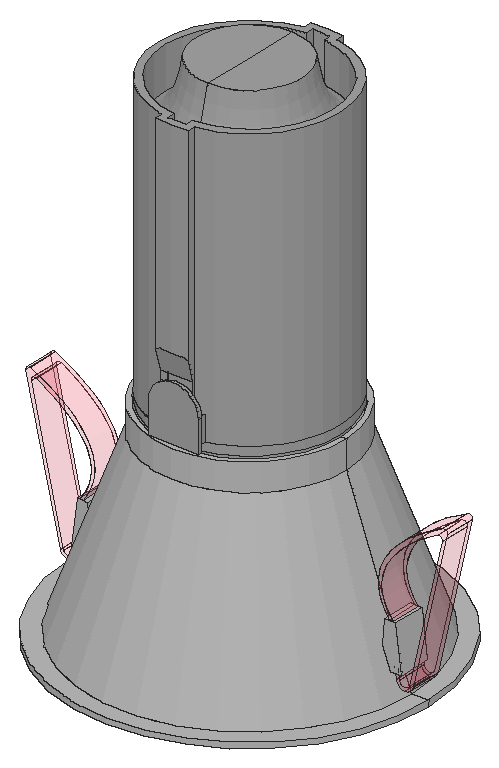
Revit family "LAMP_MOODY G2 1700 (DALI) + ROUND FIXED REFLECTOR", category Luminarias, Revit 2015
Parameters (values of type "2700K FLOOD")
  Ángulo de inclinación = 90.00°
  White reflector model = White reflector code  # "MORFRD100FXW"
  White reflector finish = "Matt white"
  White reflector description = "MOODY REF RD FX Ø99 WH."
  White reflector datasheet = "http://www.lamp.es/product-files/TECH/MORFRD100FXW-EN.pdf"
  White reflector [instance] = no
  Wattage = 14 W
  UGR = "23"
  Type = "COB PHILIPS"
  White reflector code = "MORFRD100FXW"
  Total weight = 0.352 kg
  Total height = 115 mm
  Silver reflector model = Silver reflector code  # "MORFRD100FXM"
  Silver reflector finish = "Metalized matt silver"
  Silver reflector description = "MOODY REF RD FX Ø99 MET."
  Silver reflector datasheet = "http://www.lamp.es/product-files/TECH/MORFRD100FXM-EN.pdf"
  Silver reflector code = "MORFRD100FXM"
  Silver reflector [instance] = no
  Reflector diameter = 100 mm
  Reflector [instance] = and(not(White reflector), not(Copper reflector), not(Black reflector), not(Silver reflector))  # no
  Recessed diameter = 95 mm
  built-in parameter 1150110 = 1 (stored number, unit not read)
  Protection rating = "IP20"
  Product URL = "https://www.lamp.es/en/family/moody_33323"
  Power Supply = "220-240V 50/60Hz"
  Power = 12 W
  Plum = 14 W
  Model explanation = "Availability of switching reflector colour when placed in a project."
  Material Reflector Plata = LAMP_PC Reflector Moody GR
  Material Reflector Negro = LAMP_PC Reflector Moody NG
  Material Reflector Cobre = LAMP_PC Reflector Moody CO
  Material Muelle Emp. = LAMP_Acero genérico
  Material Reflector Blanco = LAMP_PC Reflector Moody BL
  Manufacturer name = "LAMP"
  Manufacturer country = "Spain"
  Manufacturer URL = "http://www.lamp.es/en"
  MacAdam = "3"
  Lámpara = "COB LED"
  Luminaire type = "Indoor - Recessed Downlight"
  Last update = "28/08/2019"
  LED Lifetime = "50.000 L70 B10"
  Insulation class = "II"
  Installation instructions = "https://www.lamp.es/product-files/INS/1004620-A-INSTR.%20MOODY%20G2.pdf"
  IEE = "A++"
  Gear = "Adjustable DALI"
  built-in parameter 1114217 = 1 (stored number, unit not read)
  built-in parameter 1150109 = 1 (stored number, unit not read)
  Fabricante = Manufacturer name  # "LAMP"
  Efficacy = 66.2 lm/W
  Descripción = "MOODY G2 1700 VWW FL DALI BK."
  Core product code = "MO215FL927DB"
  Core diameter = 50 mm
  Core datasheet = "http://www.lamp.es/product-files/TECH/MO215FL927DB-EN.pdf"
  Core model = Core product code  # "MO215FL927DB"
  Copper reflector model = Copper reflector code  # "MORFRD100FXC"
  Copper reflector finish = "Metalized matt copper"
  Copper reflector description = "MOODY REF RD FX Ø99 CO."
  Copper reflector datasheet = "http://www.lamp.es/product-files/TECH/MORFRD100FXW-EN.pdf"
  Copper reflector code = "MORFRD100FXC"
  Copper reflector [instance] = yes
  Comentarios de tipo = Model explanation  # "Availability of switching reflector colour when placed in a project."
  built-in parameter 1150134 = (empty or 0)
  built-in parameter 1150113 = 1 (stored number, unit not read)
  Lumens = 926.8 lm
  built-in parameter 1150115 = 1 (stored number, unit not read)
  built-in parameter 1150105 = 73.752 (stored number, unit not read)
  built-in parameter 1150137 = (empty or 0)
  built-in parameter 1150139 = (empty or 0)
  built-in parameter 1150112 = 1 (stored number, unit not read)
  built-in parameter 1150114 = 1 (stored number, unit not read)
  built-in parameter 1150132 = 2
  built-in parameter 1150102 = (empty or 0)
  built-in parameter 1150138 = (empty or 0)
  built-in parameter 1150107 = 2700 (stored number, unit not read)
  built-in parameter 1150106 = 0.73752 (stored number, unit not read)
  built-in parameter 1150104 = 6.1502 (stored number, unit not read)
  Dimming Lamp Color Temperature Shift = (empty or 0)
  Color Filter = 16777215
  built-in parameter 1114218 = 1 (stored number, unit not read)
  CRI = "90"
  Core description = "MOODY CORE 1200 VWW MFL"
  Black reflector model = Black reflector code  # "MORFRD100FXB"
  Black reflector finish = "Matt black"
  Black reflector description = "MOODY REF RD FX Ø99 BK."
  Black reflector datasheet = "http://www.lamp.es/product-files/TECH/MORFRD100FXB-EN.pdf"
  Black reflector code = "MORFRD100FXB"
  Black reflector [instance] = no
  Archivo de red fotométrica = "MO215FL927TB+MORFRD100FXM.IES"
  Altura reflector = 56.5 mm
  built-in parameter 1150133 = 10 (stored number, unit not read)
Types (9, lengths in mm): name | UGR | Efficacy | Descripción | Core product code | Core datasheet | Core model | built-in parameter 1150107 | CRI
  2700K FLOOD | "23" | 66.2 lm/W | "MOODY G2 1700 VWW FL DALI BK." | "MO215FL927DB" | "http://www.lamp.es/product-files/TECH/MO215FL927DB-EN.pdf" | "MO215FL927DB" | 2700 (stored number, unit not read) | "90"
  2700K SPOT | "23" | 66.2 lm/W | "MOODY G2 1700 VWW SP DALI BK." | "MO215SP927DB" | "http://www.lamp.es/product-files/TECH/MO215SP927DB-EN.pdf" | "MO215SP927DB" | 2700 (stored number, unit not read) | "90"
  2700K WIDE FLOOD | "23" | 66.2 lm/W | "MOODY G2 1700 VWW WFL DALI BK." | "MO215WF927DB" | "http://www.lamp.es/product-files/TECH/MO215WF927DB-EN.pdf" | "MO215WF927DB" | 2700 (stored number, unit not read) | "90"
  3000K FLOOD | "23" | 81.2 lm/W | "MOODY G2 1700 WW FL DALI BK." | "MO215FL830DB" | "http://www.lamp.es/product-files/TECH/MO215FL830DB-EN.pdf" | "MO215FL830DB" | 3000 (stored number, unit not read) | "80"
  3000K SPOT | "23" | 81.2 lm/W | "MOODY G2 1700 WW SP DALI BK." | "MO215SP830DB" | "http://www.lamp.es/product-files/TECH/MO215SP830DB-EN.pdf" | "MO215SP830DB" | 3000 (stored number, unit not read) | "80"
  3000K WIDE FLOOD | "23" | 81.2 lm/W | "MOODY G2 1700 WW WFL DALI BK." | "MO215WF830DB" | "http://www.lamp.es/product-files/TECH/MO215WF830DB-EN.pdf" | "MO215WF830DB" | 3000 (stored number, unit not read) | "80"
  4000K FLOOD | "24" | 86 lm/W | "MOODY G2 1700 NW FL DALI BK." | "MO215FL840DB" | "http://www.lamp.es/product-files/TECH/MO215FL840DB-EN.pdf" | "MO215FL840DB" | 4000 (stored number, unit not read) | "80"
  4000K SPOT | "24" | 86 lm/W | "MOODY G2 1700 NW SP DALI BK." | "MO215SP840DB" | "http://www.lamp.es/product-files/TECH/MO215SP840DB-EN.pdf" | "MO215SP840DB" | 4000 (stored number, unit not read) | "80"
  4000K WIDE FLOOD | "24" | 86 lm/W | "MOODY G2 1700 NW WFL DALI BK." | "MO215WF840DB" | "http://www.lamp.es/product-files/TECH/MO215WF840DB-EN.pdf" | "MO215WF840DB" | 4000 (stored number, unit not read) | "80"
Reference planes
  plane 1 "Eje de origen de luz (F/P)": y = 0
  plane 2: z = 0
  plane 3 "Eje de origen de luz (I/D)": x = 0
  plane 4 "Techo": z = 3738.5
  plane 5 "Elevación de origen de luz": z = 3738.5
Forms (mm)
  Revolve 1, solid, material "LAMP_PC Reflector Moody CO" <- "Material Reflector Cobre", visible <- "Copper reflector"
    sketch origin (0, 0, 0) x (1, 0, 0) y (0, 0, 1)
      loop
        line (-49.5, 3737) -> (-43.7, 3737) -> (-25.4, 3786.715) -> (-20.4, 3786.715) -> (-20.4, 3789.672) -> (-25.4, 3789.672) -> (-25.4, 3795) -> (-26.8, 3795) -> (-26.8, 3787.4) -> (-44.8, 3738.5) -> (-49.5, 3738.5) -> (-49.5, 3737)
      axis (0, 3737) -> (0, 3795)
    angle from 0 to 360
  Extrusion 2, solid, material "LAMP_PC Reflector Moody CO" <- "Material Reflector Cobre", visible <- "Copper reflector"
    sketch origin (0, 0, 0) x (1, 0, 0) y (0, 0, 1)
      loop
        line (-42.407, 3745) -> (-40.284, 3750.769) -> (-40.873, 3757.5) -> (-43.873, 3757.5) -> (-45.407, 3745) -> (-42.407, 3745)
    from 4.4 to -4.4
  Extrusion 3, solid, material "LAMP_PC Reflector Moody CO" <- "Material Reflector Cobre", visible <- "Copper reflector"
    sketch origin (0, 0, 0) x (-1, 0, 0) y (0, 0, -1)
      loop
        line (-42.407, -3745) -> (-45.407, -3745) -> (-43.873, -3757.5) -> (-40.873, -3757.5) -> (-40.284, -3750.769) -> (-42.407, -3745)
    from 4.4 to -4.4
  Extrusion 4, solid, material "LAMP_Acero genérico" <- "Material Muelle Emp."
    sketch origin (0, 0, 0) x (1, 0, 0) y (0, 0, 1)
      loop
        line (-43.449, 3746.955) -> (-44.442, 3747.077) -> (-44.86, 3743.673)
        arc (-44.86, 3743.673) -> (-46.011, 3742.395) -> (-47.607, 3743.039) r 1.5
        line (-47.607, 3743.039) -> (-56.587, 3781.935)
        arc (-56.587, 3781.935) -> (-56.25, 3782.912) -> (-55.225, 3783.038) r 0.975
        spline (-55.225, 3783.038) -> (-51.331, 3780.738) -> (-48.069, 3778.431) -> (-45.409, 3776.129) -> (-43.316, 3773.842) -> (-41.759, 3771.583) -> (-40.706, 3769.362) -> (-40.125, 3767.192) -> (-39.983, 3765.084) -> (-40.248, 3763.049) -> (-40.888, 3761.099) -> (-41.87, 3759.246) -> (-43.162, 3757.5)
        line (-43.162, 3757.5) -> (-42.155, 3757.5)
        spline (-42.155, 3757.5) -> (-40.805, 3759.492) -> (-39.803, 3761.59) -> (-39.185, 3763.778) -> (-38.986, 3766.043) -> (-39.241, 3768.371) -> (-39.985, 3770.746) -> (-41.254, 3773.156) -> (-43.082, 3775.585) -> (-45.504, 3778.019) -> (-48.557, 3780.445) -> (-52.274, 3782.848) -> (-56.692, 3785.214)
        arc (-56.692, 3785.214) -> (-57.717, 3785.088) -> (-58.053, 3784.112) r 0.975
        line (-58.053, 3784.112) -> (-48.597, 3743.153)
        arc (-48.597, 3743.153) -> (-47.735, 3741.824) -> (-46.22, 3741.36) r 2.317
        arc (-46.22, 3741.36) -> (-44.644, 3742.027) -> (-43.867, 3743.552) r 2.5
        line (-43.867, 3743.552) -> (-43.449, 3746.955)
    from 4.3 to -4.3
  Extrusion 5, solid, material "LAMP_Acero genérico" <- "Material Muelle Emp."
    sketch origin (0, 0, 0) x (-1, 0, 0) y (0, 0, -1)
      loop
        line (-43.449, -3746.955) -> (-43.867, -3743.552)
        arc (-43.867, -3743.552) -> (-44.644, -3742.027) -> (-46.22, -3741.36) r 2.5
        arc (-46.22, -3741.36) -> (-47.735, -3741.824) -> (-48.597, -3743.153) r 2.317
        line (-48.597, -3743.153) -> (-58.053, -3784.112)
        arc (-58.053, -3784.112) -> (-57.717, -3785.088) -> (-56.692, -3785.214) r 0.975
        spline (-56.692, -3785.214) -> (-52.274, -3782.848) -> (-48.557, -3780.445) -> (-45.504, -3778.019) -> (-43.082, -3775.585) -> (-41.254, -3773.156) -> (-39.985, -3770.746) -> (-39.241, -3768.371) -> (-38.986, -3766.043) -> (-39.185, -3763.778) -> (-39.803, -3761.59) -> (-40.805, -3759.492) -> (-42.155, -3757.5)
        line (-42.155, -3757.5) -> (-43.162, -3757.5)
        spline (-43.162, -3757.5) -> (-41.87, -3759.246) -> (-40.888, -3761.099) -> (-40.248, -3763.049) -> (-39.983, -3765.084) -> (-40.125, -3767.192) -> (-40.706, -3769.362) -> (-41.759, -3771.583) -> (-43.316, -3773.842) -> (-45.409, -3776.129) -> (-48.069, -3778.431) -> (-51.331, -3780.738) -> (-55.225, -3783.038)
        arc (-55.225, -3783.038) -> (-56.25, -3782.912) -> (-56.587, -3781.935) r 0.975
        line (-56.587, -3781.935) -> (-47.607, -3743.039)
        arc (-47.607, -3743.039) -> (-46.011, -3742.395) -> (-44.86, -3743.673) r 1.5
        line (-44.86, -3743.673) -> (-44.442, -3747.077) -> (-43.449, -3746.955)
    from 4.3 to -4.3
  Revolve 6, solid, material "LAMP_PC Reflector Moody BL" <- "Material Reflector Blanco", visible <- "White reflector"
    sketch origin (0, 0, 0) x (1, 0, 0) y (0, 0, 1)
      loop
        line (-49.5, 3737) -> (-43.7, 3737) -> (-25.4, 3786.715) -> (-20.4, 3786.715) -> (-20.4, 3789.672) -> (-25.4, 3789.672) -> (-25.4, 3795) -> (-26.8, 3795) -> (-26.8, 3787.4) -> (-44.8, 3738.5) -> (-49.5, 3738.5) -> (-49.5, 3737)
      axis (0, 3737) -> (0, 3795)
    angle from 0 to 360
  Extrusion 7, solid, material "LAMP_PC Reflector Moody BL" <- "Material Reflector Blanco", visible <- "White reflector"
    sketch origin (0, 0, 0) x (1, 0, 0) y (0, 0, 1)
      loop
        line (-42.407, 3745) -> (-40.284, 3750.769) -> (-40.873, 3757.5) -> (-43.873, 3757.5) -> (-45.407, 3745) -> (-42.407, 3745)
    from 4.4 to -4.4
  Extrusion 8, solid, material "LAMP_PC Reflector Moody BL" <- "Material Reflector Blanco", visible <- "White reflector"
    sketch origin (0, 0, 0) x (-1, 0, 0) y (0, 0, -1)
      loop
        line (-42.407, -3745) -> (-45.407, -3745) -> (-43.873, -3757.5) -> (-40.873, -3757.5) -> (-40.284, -3750.769) -> (-42.407, -3745)
    from 4.4 to -4.4
  Revolve 9, solid, material "LAMP_PC Reflector Moody NG" <- "Material Reflector Negro", visible <- "Black reflector"
    sketch origin (0, 0, 0) x (1, 0, 0) y (0, 0, 1)
      loop
        line (-49.5, 3737) -> (-43.7, 3737) -> (-25.4, 3786.715) -> (-20.4, 3786.715) -> (-20.4, 3789.672) -> (-25.4, 3789.672) -> (-25.4, 3795) -> (-26.8, 3795) -> (-26.8, 3787.4) -> (-44.8, 3738.5) -> (-49.5, 3738.5) -> (-49.5, 3737)
      axis (0, 3737) -> (0, 3795)
    angle from 0 to 360
  Extrusion 10, solid, material "LAMP_PC Reflector Moody NG" <- "Material Reflector Negro", visible <- "Black reflector"
    sketch origin (0, 0, 0) x (1, 0, 0) y (0, 0, 1)
      loop
        line (-42.407, 3745) -> (-40.284, 3750.769) -> (-40.873, 3757.5) -> (-43.873, 3757.5) -> (-45.407, 3745) -> (-42.407, 3745)
    from 4.4 to -4.4
  Extrusion 11, solid, material "LAMP_PC Reflector Moody NG" <- "Material Reflector Negro", visible <- "Black reflector"
    sketch origin (0, 0, 0) x (-1, 0, 0) y (0, 0, -1)
      loop
        line (-42.407, -3745) -> (-45.407, -3745) -> (-43.873, -3757.5) -> (-40.873, -3757.5) -> (-40.284, -3750.769) -> (-42.407, -3745)
    from 4.4 to -4.4
  Revolve 12, solid, material "LAMP_PC Reflector Moody GR" <- "Material Reflector Plata", visible <- "Silver reflector"
    sketch origin (0, 0, 0) x (1, 0, 0) y (0, 0, 1)
      loop
        line (-49.5, 3737) -> (-43.7, 3737) -> (-25.4, 3786.715) -> (-20.4, 3786.715) -> (-20.4, 3789.672) -> (-25.4, 3789.672) -> (-25.4, 3795) -> (-26.8, 3795) -> (-26.8, 3787.4) -> (-44.8, 3738.5) -> (-49.5, 3738.5) -> (-49.5, 3737)
      axis (0, 3737) -> (0, 3795)
    angle from 0 to 360
  Extrusion 13, solid, material "LAMP_PC Reflector Moody GR" <- "Material Reflector Plata", visible <- "Silver reflector"
    sketch origin (0, 0, 0) x (1, 0, 0) y (0, 0, 1)
      loop
        line (-42.407, 3745) -> (-40.284, 3750.769) -> (-40.873, 3757.5) -> (-43.873, 3757.5) -> (-45.407, 3745) -> (-42.407, 3745)
    from 4.4 to -4.4
  Extrusion 14, solid, material "LAMP_PC Reflector Moody GR" <- "Material Reflector Plata", visible <- "Silver reflector"
    sketch origin (0, 0, 0) x (-1, 0, 0) y (0, 0, -1)
      loop
        line (-42.407, -3745) -> (-45.407, -3745) -> (-43.873, -3757.5) -> (-40.873, -3757.5) -> (-40.284, -3750.769) -> (-42.407, -3745)
    from 4.4 to -4.4
  Revolve 15, solid, material "LAMP_PC Reflector Moody CO" <- "Material Reflector Cobre", visible <- "Reflector"
    sketch origin (0, 0, 0) x (1, 0, 0) y (0, 0, 1)
      loop
        line (-49.5, 3737) -> (-43.7, 3737) -> (-25.4, 3786.715) -> (-20.4, 3786.715) -> (-20.4, 3789.672) -> (-25.4, 3789.672) -> (-25.4, 3795) -> (-26.8, 3795) -> (-26.8, 3787.4) -> (-44.8, 3738.5) -> (-49.5, 3738.5) -> (-49.5, 3737)
      axis (0, 3737) -> (0, 3795)
    angle from 0 to 360
  Extrusion 16, solid, material "LAMP_PC Reflector Moody CO" <- "Material Reflector Cobre", visible <- "Reflector"
    sketch origin (0, 0, 0) x (1, 0, 0) y (0, 0, 1)
      loop
        line (-42.407, 3745) -> (-40.284, 3750.769) -> (-40.873, 3757.5) -> (-43.873, 3757.5) -> (-45.407, 3745) -> (-42.407, 3745)
    from 4.4 to -4.4
  Extrusion 17, solid, material "LAMP_PC Reflector Moody CO" <- "Material Reflector Cobre", visible <- "Reflector"
    sketch origin (0, 0, 0) x (-1, 0, 0) y (0, 0, -1)
      loop
        line (-42.407, -3745) -> (-45.407, -3745) -> (-43.873, -3757.5) -> (-40.873, -3757.5) -> (-40.284, -3750.769) -> (-42.407, -3745)
    from 4.4 to -4.4
Text (mm)
  text "Any modification of the parameters and properties of the LAMP BIM models must be executed and validated by the LAMP technical department.\n\nPhone: +34 93 736 68 00\n\nE-mail: lamp@lamp.es\n\n\n\nLAMP reserves the right to modify the technical specifications of its products." at (-1347.375, 1637.246, 3520.791), in view "Preview"
Dimensions and locks
  equal spacing: host sketch curve, plane 3 "Eje de origen de luz (I/D)", host sketch curve
  equal spacing: host sketch curve, plane 1 "Eje de origen de luz (F/P)", host sketch curve
  host sketch curve to host sketch curve = 4000 mm  (x2)
  locked: plane 4 "Techo" to host ceiling at 0
  "Altura reflector": plane 4 "Techo" to Revolve 1
  aligned and locked: plane 3 "Eje de origen de luz (I/D)" to imposter light
  aligned and locked: plane 1 "Eje de origen de luz (F/P)" to imposter light
  aligned and locked: plane 5 "Elevación de origen de luz" to imposter light
  aligned and locked: plane 4 "Techo" to plane 5 "Elevación de origen de luz"
Automatic sketch dimensions
  Revolve 1 sketch curve to plane 4 "Techo" = 0 mm
  Revolve 1 sketch curve to plane 3 "Eje de origen de luz (I/D)" = 0 mm
  Revolve 1 sketch curve to plane 3 "Eje de origen de luz (I/D)" = 20.4 mm
  Revolve 1 sketch curve to Revolve 1 sketch curve = 5 mm
  Revolve 1 sketch curve to Revolve 1 sketch curve = 0 mm
  Revolve 1 sketch curve to Revolve 1 sketch curve = 1.4 mm
  plane 4 "Techo" to Revolve 1 sketch curve = 1.5 mm
  Revolve 1 sketch curve to plane 3 "Eje de origen de luz (I/D)" = 43.7 mm
  Revolve 1 sketch curve to Revolve 1 sketch curve = 1.1 mm
  Revolve 1 sketch curve to Revolve 1 sketch curve = 4.7 mm
  Revolve 1 sketch curve to plane 4 "Techo" = 48.215 mm
  Revolve 1 sketch curve to Revolve 1 sketch curve = 0.685 mm
  Revolve 1 sketch curve to Revolve 1 sketch curve = 2.957 mm
  Revolve 1 sketch curve to Revolve 1 sketch curve = 5.328 mm
  Revolve 1 sketch curve to level = 358.228 mm
  Revolve 1 sketch curve to Revolve 1 sketch curve = 305.685 mm
  Extrusion 2 sketch curve to plane 4 "Techo" = 6.5 mm
  Extrusion 2 sketch curve to plane 3 "Eje de origen de luz (I/D)" = 45.407 mm
  Extrusion 2 sketch curve to Extrusion 2 sketch curve = 1.535 mm
  Extrusion 2 sketch curve to Extrusion 2 sketch curve = 3 mm  (x2)
  Extrusion 2 sketch curve to plane 4 "Techo" = 19 mm
  Extrusion 2 sketch curve to plane 4 "Techo" = 12.269 mm
  Extrusion 2 sketch curve to Extrusion 2 sketch curve = 2.124 mm
  plane 4 "Techo" to Extrusion 3 sketch curve = 6.5 mm
  Extrusion 3 sketch curve to plane 3 "Eje de origen de luz (I/D)" = 45.407 mm
  Extrusion 3 sketch curve to Extrusion 3 sketch curve = 1.535 mm
  Extrusion 3 sketch curve to Extrusion 3 sketch curve = 3 mm  (x2)
  plane 4 "Techo" to Extrusion 3 sketch curve = 19 mm
  plane 4 "Techo" to Extrusion 3 sketch curve = 12.269 mm
  Extrusion 3 sketch curve to Extrusion 3 sketch curve = 2.124 mm
  Extrusion 4 sketch curve to Extrusion 4 sketch curve = 0 mm  (x2)
  Extrusion 4 sketch curve to plane 3 "Eje de origen de luz (I/D)" = 58.053 mm
  Extrusion 4 sketch curve to Extrusion 4 sketch curve = 0.95 mm  (x2)
  Extrusion 4 sketch curve to Extrusion 4 sketch curve = 0.412 mm  (x2)
  Extrusion 4 sketch curve to Extrusion 4 sketch curve = 0.517 mm
  Extrusion 4 sketch curve to plane 4 "Techo" = 4.653 mm
  Extrusion 4 sketch curve to Extrusion 4 sketch curve = 7.989 mm
  Extrusion 4 sketch curve to plane 4 "Techo" = 4.539 mm
  Extrusion 4 sketch curve to Extrusion 4 sketch curve = 0.991 mm
  Extrusion 4 sketch curve to Extrusion 4 sketch curve = 1.258 mm
  Extrusion 4 sketch curve to Extrusion 4 sketch curve = 0.009 mm
  Extrusion 4 sketch curve to plane 4 "Techo" = 5.173 mm
  Extrusion 4 sketch curve to Extrusion 4 sketch curve = 1.479 mm
  Extrusion 4 sketch curve to plane 4 "Techo" = 8.577 mm
  Extrusion 4 sketch curve to Extrusion 4 sketch curve = 0.418 mm
  Extrusion 4 sketch curve to plane 4 "Techo" = 5.052 mm
  Extrusion 4 sketch curve to Extrusion 4 sketch curve = 0.993 mm
  Extrusion 4 sketch curve to Extrusion 4 sketch curve = 1.28 mm
  Extrusion 4 sketch curve to Extrusion 4 sketch curve = 1.008 mm
  Extrusion 4 sketch curve to Extrusion 4 sketch curve = 0.182 mm
  Extrusion 4 sketch curve to Extrusion 4 sketch curve = 10.423 mm
  Extrusion 4 sketch curve to Extrusion 4 sketch curve = 24.435 mm
  Extrusion 4 sketch curve to Extrusion 4 sketch curve = 0.219 mm  (x2)
  Extrusion 4 sketch curve to Extrusion 4 sketch curve = 2.176 mm
  Extrusion 5 sketch curve to Extrusion 5 sketch curve = 0 mm  (x2)
  Extrusion 5 sketch curve to plane 3 "Eje de origen de luz (I/D)" = 58.053 mm
  Extrusion 5 sketch curve to Extrusion 5 sketch curve = 0.95 mm  (x2)
  Extrusion 5 sketch curve to Extrusion 5 sketch curve = 0.412 mm  (x2)
  Extrusion 5 sketch curve to Extrusion 5 sketch curve = 0.517 mm
  plane 4 "Techo" to Extrusion 5 sketch curve = 4.653 mm
  Extrusion 5 sketch curve to Extrusion 5 sketch curve = 7.989 mm
  plane 4 "Techo" to Extrusion 5 sketch curve = 4.539 mm
  Extrusion 5 sketch curve to Extrusion 5 sketch curve = 0.991 mm
  Extrusion 5 sketch curve to Extrusion 5 sketch curve = 1.258 mm
  Extrusion 5 sketch curve to Extrusion 5 sketch curve = 0.009 mm
  plane 4 "Techo" to Extrusion 5 sketch curve = 5.173 mm
  Extrusion 5 sketch curve to Extrusion 5 sketch curve = 1.479 mm
  plane 4 "Techo" to Extrusion 5 sketch curve = 8.577 mm
  Extrusion 5 sketch curve to Extrusion 5 sketch curve = 0.418 mm
  plane 4 "Techo" to Extrusion 5 sketch curve = 5.052 mm
  Extrusion 5 sketch curve to Extrusion 5 sketch curve = 0.993 mm
  Extrusion 5 sketch curve to Extrusion 5 sketch curve = 1.28 mm
  Extrusion 5 sketch curve to Extrusion 5 sketch curve = 1.008 mm
  Extrusion 5 sketch curve to Extrusion 5 sketch curve = 0.182 mm
  Extrusion 5 sketch curve to Extrusion 5 sketch curve = 10.423 mm
  Extrusion 5 sketch curve to Extrusion 5 sketch curve = 24.435 mm
  Extrusion 5 sketch curve to Extrusion 5 sketch curve = 0.219 mm  (x2)
  Extrusion 5 sketch curve to Extrusion 5 sketch curve = 2.176 mm
  Revolve 6 sketch curve to plane 4 "Techo" = 0 mm
  Revolve 6 sketch curve to plane 3 "Eje de origen de luz (I/D)" = 49.5 mm
  Revolve 6 sketch curve to Revolve 6 sketch curve = 4.7 mm
  Revolve 6 sketch curve to Revolve 6 sketch curve = 1.1 mm
  Revolve 6 sketch curve to Revolve 6 sketch curve = 18 mm
  Revolve 6 sketch curve to Revolve 6 sketch curve = 1.4 mm  (x2)
  Revolve 6 sketch curve to plane 4 "Techo" = 48.215 mm
  Revolve 6 sketch curve to Revolve 6 sketch curve = 5 mm
  plane 4 "Techo" to Revolve 6 sketch curve = 1.5 mm
  Revolve 6 sketch curve to Revolve 6 sketch curve = 0.685 mm
  Revolve 6 sketch curve to Revolve 6 sketch curve = 2.957 mm
  Revolve 6 sketch curve to Revolve 6 sketch curve = 5.328 mm
  plane 3 "Eje de origen de luz (I/D)" to Revolve 6 sketch curve = 0 mm
  Revolve 6 sketch curve to level = 358.228 mm
  Revolve 6 sketch curve to Revolve 6 sketch curve = 305.685 mm
  Extrusion 7 sketch curve to plane 4 "Techo" = 6.5 mm
  Extrusion 7 sketch curve to plane 3 "Eje de origen de luz (I/D)" = 45.407 mm
  Extrusion 7 sketch curve to Extrusion 7 sketch curve = 1.535 mm
  Extrusion 7 sketch curve to Extrusion 7 sketch curve = 3 mm  (x2)
  Extrusion 7 sketch curve to plane 4 "Techo" = 19 mm
  Extrusion 7 sketch curve to plane 4 "Techo" = 12.269 mm
  Extrusion 7 sketch curve to Extrusion 7 sketch curve = 2.124 mm
  plane 4 "Techo" to Extrusion 8 sketch curve = 6.5 mm
  Extrusion 8 sketch curve to plane 3 "Eje de origen de luz (I/D)" = 45.407 mm
  Extrusion 8 sketch curve to Extrusion 8 sketch curve = 1.535 mm
  Extrusion 8 sketch curve to Extrusion 8 sketch curve = 3 mm  (x2)
  plane 4 "Techo" to Extrusion 8 sketch curve = 19 mm
  plane 4 "Techo" to Extrusion 8 sketch curve = 12.269 mm
  Extrusion 8 sketch curve to Extrusion 8 sketch curve = 2.124 mm
  Revolve 9 sketch curve to plane 4 "Techo" = 0 mm
  Revolve 9 sketch curve to plane 3 "Eje de origen de luz (I/D)" = 49.5 mm
  Revolve 9 sketch curve to Revolve 9 sketch curve = 4.7 mm
  Revolve 9 sketch curve to Revolve 9 sketch curve = 1.1 mm
  Revolve 9 sketch curve to Revolve 9 sketch curve = 18 mm
  Revolve 9 sketch curve to Revolve 9 sketch curve = 1.4 mm  (x2)
  Revolve 9 sketch curve to plane 4 "Techo" = 48.215 mm
  Revolve 9 sketch curve to Revolve 9 sketch curve = 5 mm
  plane 4 "Techo" to Revolve 9 sketch curve = 1.5 mm
  Revolve 9 sketch curve to Revolve 9 sketch curve = 0.685 mm
  Revolve 9 sketch curve to Revolve 9 sketch curve = 2.957 mm
  Revolve 9 sketch curve to Revolve 9 sketch curve = 5.328 mm
  plane 3 "Eje de origen de luz (I/D)" to Revolve 9 sketch curve = 0 mm
  Revolve 9 sketch curve to level = 358.228 mm
  Revolve 9 sketch curve to Revolve 9 sketch curve = 305.685 mm
  Extrusion 10 sketch curve to plane 4 "Techo" = 6.5 mm
  Extrusion 10 sketch curve to plane 3 "Eje de origen de luz (I/D)" = 45.407 mm
  Extrusion 10 sketch curve to Extrusion 10 sketch curve = 1.535 mm
  Extrusion 10 sketch curve to Extrusion 10 sketch curve = 3 mm  (x2)
  Extrusion 10 sketch curve to plane 4 "Techo" = 19 mm
  Extrusion 10 sketch curve to plane 4 "Techo" = 12.269 mm
  Extrusion 10 sketch curve to Extrusion 10 sketch curve = 2.124 mm
  plane 4 "Techo" to Extrusion 11 sketch curve = 6.5 mm
  Extrusion 11 sketch curve to plane 3 "Eje de origen de luz (I/D)" = 45.407 mm
  Extrusion 11 sketch curve to Extrusion 11 sketch curve = 1.535 mm
  Extrusion 11 sketch curve to Extrusion 11 sketch curve = 3 mm  (x2)
  plane 4 "Techo" to Extrusion 11 sketch curve = 19 mm
  plane 4 "Techo" to Extrusion 11 sketch curve = 12.269 mm
  Extrusion 11 sketch curve to Extrusion 11 sketch curve = 2.124 mm
  Revolve 12 sketch curve to plane 4 "Techo" = 0 mm
  Revolve 12 sketch curve to plane 3 "Eje de origen de luz (I/D)" = 49.5 mm
  Revolve 12 sketch curve to Revolve 12 sketch curve = 4.7 mm
  Revolve 12 sketch curve to Revolve 12 sketch curve = 1.1 mm
  Revolve 12 sketch curve to Revolve 12 sketch curve = 18 mm
  Revolve 12 sketch curve to Revolve 12 sketch curve = 1.4 mm  (x2)
  Revolve 12 sketch curve to plane 4 "Techo" = 48.215 mm
  Revolve 12 sketch curve to Revolve 12 sketch curve = 5 mm
  plane 4 "Techo" to Revolve 12 sketch curve = 1.5 mm
  Revolve 12 sketch curve to Revolve 12 sketch curve = 0.685 mm
  Revolve 12 sketch curve to Revolve 12 sketch curve = 2.957 mm
  Revolve 12 sketch curve to Revolve 12 sketch curve = 5.328 mm
  plane 3 "Eje de origen de luz (I/D)" to Revolve 12 sketch curve = 0 mm
  Revolve 12 sketch curve to level = 358.228 mm
  Revolve 12 sketch curve to Revolve 12 sketch curve = 305.685 mm
  Extrusion 13 sketch curve to plane 4 "Techo" = 6.5 mm
  Extrusion 13 sketch curve to plane 3 "Eje de origen de luz (I/D)" = 45.407 mm
  Extrusion 13 sketch curve to Extrusion 13 sketch curve = 1.535 mm
  Extrusion 13 sketch curve to Extrusion 13 sketch curve = 3 mm  (x2)
  Extrusion 13 sketch curve to plane 4 "Techo" = 19 mm
  Extrusion 13 sketch curve to plane 4 "Techo" = 12.269 mm
  Extrusion 13 sketch curve to Extrusion 13 sketch curve = 2.124 mm
  plane 4 "Techo" to Extrusion 14 sketch curve = 6.5 mm
  Extrusion 14 sketch curve to plane 3 "Eje de origen de luz (I/D)" = 45.407 mm
  Extrusion 14 sketch curve to Extrusion 14 sketch curve = 1.535 mm
  Extrusion 14 sketch curve to Extrusion 14 sketch curve = 3 mm  (x2)
  plane 4 "Techo" to Extrusion 14 sketch curve = 19 mm
  plane 4 "Techo" to Extrusion 14 sketch curve = 12.269 mm
  Extrusion 14 sketch curve to Extrusion 14 sketch curve = 2.124 mm
  Revolve 15 sketch curve to plane 4 "Techo" = 0 mm
  Revolve 15 sketch curve to plane 3 "Eje de origen de luz (I/D)" = 49.5 mm
  Revolve 15 sketch curve to Revolve 15 sketch curve = 4.7 mm
  Revolve 15 sketch curve to Revolve 15 sketch curve = 1.1 mm
  Revolve 15 sketch curve to Revolve 15 sketch curve = 18 mm
  Revolve 15 sketch curve to Revolve 15 sketch curve = 1.4 mm  (x2)
  Revolve 15 sketch curve to plane 4 "Techo" = 48.215 mm
  Revolve 15 sketch curve to Revolve 15 sketch curve = 5 mm
  plane 4 "Techo" to Revolve 15 sketch curve = 1.5 mm
  Revolve 15 sketch curve to Revolve 15 sketch curve = 0.685 mm
  Revolve 15 sketch curve to Revolve 15 sketch curve = 2.957 mm
  Revolve 15 sketch curve to Revolve 15 sketch curve = 5.328 mm
  plane 3 "Eje de origen de luz (I/D)" to Revolve 15 sketch curve = 0 mm
  Revolve 15 sketch curve to level = 358.228 mm
  Revolve 15 sketch curve to Revolve 15 sketch curve = 305.685 mm
  Extrusion 16 sketch curve to plane 4 "Techo" = 6.5 mm
  Extrusion 16 sketch curve to plane 3 "Eje de origen de luz (I/D)" = 45.407 mm
  Extrusion 16 sketch curve to Extrusion 16 sketch curve = 1.535 mm
  Extrusion 16 sketch curve to Extrusion 16 sketch curve = 3 mm  (x2)
  Extrusion 16 sketch curve to plane 4 "Techo" = 19 mm
  Extrusion 16 sketch curve to plane 4 "Techo" = 12.269 mm
  Extrusion 16 sketch curve to Extrusion 16 sketch curve = 2.124 mm
  plane 4 "Techo" to Extrusion 17 sketch curve = 6.5 mm
  Extrusion 17 sketch curve to plane 3 "Eje de origen de luz (I/D)" = 45.407 mm
  Extrusion 17 sketch curve to Extrusion 17 sketch curve = 1.535 mm
  Extrusion 17 sketch curve to Extrusion 17 sketch curve = 3 mm  (x2)
  plane 4 "Techo" to Extrusion 17 sketch curve = 19 mm
  plane 4 "Techo" to Extrusion 17 sketch curve = 12.269 mm
  Extrusion 17 sketch curve to Extrusion 17 sketch curve = 2.124 mm
Nested families
  nested 1: "LAMP_MOODY CORE 1200" at (0, 0, 3789.672) x (0, 1, 0) z (0, 0, 1), type "LAMP_MOODY CORE 1200"
Connectors
  electrical at (0, 0, 3738.5)
    settings: on imposter light, index 1, voltage 230 V, apparent load 0 VA, apparent load phase1 0 VA, apparent load phase2 0 VA, apparent load phase3 0 VA, power factor 1, load classification "Otro", number of poles 1, system type 31, power factor state 1, is connector primary yes, connector utility no, sub classification motor no, connector description ""
Definition of nested family "LAMP_MOODY CORE 1200"
  Parameters (values of type "LAMP_MOODY CORE 1200")
    Weight = 0.316 kg
    Protection rating = "IP20"
    Product name = "MOODY CORE 1200"
    Product URL = "http://www.lamp.es/en/family/moody_33323"
    Material Reflector = none
    Material Cuerpo = none
    Material COB = none
    Manufacturer name = "LAMP"
    Manufacturer country = "Spain"
    Manufacturer URL = "http://www.lamp.es/en"
    Luminaire type = "Indoor - Recessed Downlight"
    Last update = "08/05/2018"
    Installation instructions = ""
    Height = 90 mm
    Finish = "Cataphorese"
    Manufacturer = Manufacturer name  # "LAMP"
    Default Elevation = 1219.2 mm
    Diameter = 50 mm
    Description = Product name  # "MOODY CORE 1200"
    Type Comments = "For product codes and features, see corresponding files LAMP_CORE + REFLECTOR"
    Altura interior = 74 mm
  Reference planes
    plane 1 "Centro (Frontal/Posterior)": y = 0
    plane 2: z = 0
    plane 3 "Centro (Izquierda/Derecha)": x = 0
    plane 4: z = 74
  Forms (mm)
    Extrusion 1, solid
      sketch origin (0, 0, 0) x (1, 0, 0) y (0, 1, 0)
        loop
          line (-1219.2, 1219.2) -> (-1219.2, -1219.2) -> (1219.2, -1219.2) -> (1219.2, 1219.2) -> (-1219.2, 1219.2)
      from 0 to -304.8
    Extrusion 2, solid, material <- "Material Cuerpo"
      sketch origin (0, 0, 8.2) x (1, 0, 0) y (0, 1, 0)
        loop
          arc (-26.622, 4.5) -> (-27, 0) -> (-26.622, -4.5) r 27
          line (-26.622, -4.5) -> (-24.592, -4.5)
          arc (-24.592, -4.5) -> (0, -25) -> (24.592, -4.5) r 25
          line (24.592, -4.5) -> (26.622, -4.5)
          arc (26.622, -4.5) -> (27, 0) -> (26.622, 4.5) r 27
          line (26.622, 4.5) -> (24.592, 4.5)
          arc (24.592, 4.5) -> (0, 25) -> (-24.592, 4.5) r 25
          line (-24.592, 4.5) -> (-26.622, 4.5)
        loop
          line (-24.875, -2.5) -> (-22.864, -2.5)
          arc (-22.864, -2.5) -> (0, -23) -> (22.864, -2.5) r 23
          line (22.864, -2.5) -> (24.875, -2.5)
          arc (24.875, -2.5) -> (25, 0) -> (24.875, 2.5) r 25
          line (24.875, 2.5) -> (22.864, 2.5)
          arc (22.864, 2.5) -> (0, 23) -> (-22.864, 2.5) r 23
          line (-22.864, 2.5) -> (-24.875, 2.5)
          arc (-24.875, 2.5) -> (-25, 0) -> (-24.875, -2.5) r 25
      from 0 to 77
    Revolve 3, solid, material <- "Material Cuerpo"
      sketch origin (0, 0, 8.2) x (1, 0, 0) y (0, 0, 1)
        loop
          spline (-14.467, 81.8) -> (-14.836, 79.556) -> (-15.268, 77.477) -> (-15.761, 75.564) -> (-16.317, 73.817) -> (-16.935, 72.235) -> (-17.615, 70.819) -> (-18.357, 69.568) -> (-19.161, 68.483) -> (-20.028, 67.564) -> (-20.956, 66.81) -> (-21.947, 66.222) -> (-23, 65.8)
          line (-23, 65.8) -> (0, 65.8) -> (0, 81.8) -> (-14.467, 81.8)
        axis (0, 81.8) -> (0, 65.8)
      angle from 0 to 360
    Extrusion 4, void
      sketch origin (0, 0, 8.2) x (0, 1, 0) y (0, 0, 1)
        loop
          line (-7, 0) -> (7, 0) -> (7, 6.5) -> (-7, 6.5) -> (-7, 0)
      from -28 to 28
    Extrusion 5, void
      sketch origin (0, 0, 8.2) x (1, 0, 0) y (0, 0, 1)
        loop
          line (25.068, 6.5) -> (27.791, 6.5) -> (27.791, 20.707) -> (26.791, 20.707) -> (25.068, 14.278) -> (25.068, 6.5)
      from -7 to 7
    Revolve 6, solid, material <- "Material Cuerpo"
      sketch origin (0, 0, 0) x (1, 0, 0) y (0, 0, 1)
        loop
          line (24.8, 0) -> (24.8, 2.2) -> (22.75, 2.2) -> (22.75, 5.8) -> (25, 5.8) -> (25, 8.2) -> (21.4, 8.2) -> (21.4, 7) -> (20.45, 7) -> (20.45, 0) -> (24.8, 0)
        axis (0, 8.2) -> (0, 0)
      angle from 0 to 360
    Extrusion 7, solid, material <- "Material Cuerpo"
      sketch origin (0, 0, 11.6) x (1, 0, 0) y (0, 1, 0)
        loop
          line (-25.068, 4.5) -> (-22.555, 4.5)
          arc (-22.555, 4.5) -> (0, 23) -> (22.555, 4.5) r 23
          line (22.555, 4.5) -> (25.068, 4.5) -> (25.068, 6.9) -> (22.778, 6.9)
          arc (22.778, 6.9) -> (0, 23.8) -> (-22.778, 6.9) r 23.8
          line (-22.778, 6.9) -> (-25.068, 6.9) -> (-25.068, 4.5)
        loop
          line (-25.068, -4.5) -> (-25.068, -6.9) -> (-22.778, -6.9)
          arc (-22.778, -6.9) -> (0, -23.8) -> (22.778, -6.9) r 23.8
          line (22.778, -6.9) -> (25.068, -6.9) -> (25.068, -4.5) -> (22.555, -4.5)
          arc (22.555, -4.5) -> (0, -23) -> (-22.555, -4.5) r 23
          line (-22.555, -4.5) -> (-25.068, -4.5)
      from -3.4 to 3.4
    Extrusion 8, solid, material <- "Material Cuerpo"
      sketch origin (0, 0, 0) x (0, 1, 0) y (0, 0, -1)
        loop
          arc (-6.769, -14.306) -> (0.131, -21.206) -> (7.031, -14.306) r 6.9
          line (7.031, -14.306) -> (7.031, -5.8) -> (-6.769, -5.8) -> (-6.769, -14.306)
      from 26 to 25.068
    Extrusion 9, solid, material <- "Material Cuerpo"
      sketch origin (0, 0, 0) x (0, 1, 0) y (0, 0, 1)
        loop
          line (-6.769, 14.306) -> (-6.769, 5.8) -> (7.031, 5.8) -> (7.031, 14.306)
          arc (7.031, 14.306) -> (0.131, 21.206) -> (-6.769, 14.306) r 6.9
      from 26 to 25.068
    Revolve 10, solid, material <- "Material Reflector"
      sketch origin (0, 0, -1660) x (1, 0, 0) y (0, 0, 1)
        loop
          line (21.4, 1667) -> (14.233, 1685.672) -> (13.283, 1685.672) -> (20.45, 1667) -> (21.4, 1667)
        axis (0, 1685.672) -> (0, 1667)
      angle from 0 to 360
    Revolve 11, solid, material <- "Material COB"
      sketch origin (0, 0, -2184.8) x (1, 0, 0) y (0, 0, 1)
        loop
          line (0, 2210.472) -> (14.233, 2210.472) -> (14.233, 2211.472) -> (0, 2211.472) -> (0, 2210.472)
        axis (0, 2211.472) -> (0, 2210.472)
      angle from 0 to 360
    Extrusion 12, void
      sketch origin (0, 0, 8.2) x (-1, 0, 0) y (0, 0, -1)
        loop
          line (25.068, -6.5) -> (25.068, -14.278) -> (26.791, -20.707) -> (27.791, -20.707) -> (27.791, -6.5) -> (25.068, -6.5)
      from -7 to 7
  Cuts and joins
    Extrusion 4, Extrusion 5, Extrusion 12 cuts Extrusion 2
    Extrusion 12 cuts Extrusion 7
    Extrusion 12 cuts Extrusion 9
  Dimensions and locks
    "Altura interior": plane 4 to Extrusion 1
    locked: cut or joined group of Extrusion 2, Extrusion 4, Extrusion 5, Extrusion 12 to plane 4 at 11.2
    aligned and locked: plane 2 to Extrusion 1
    aligned and locked: level to Extrusion 1
    aligned and locked: Revolve 3 to plane 4
    aligned and locked: Extrusion 7 to Revolve 6
    aligned and locked: Revolve 11 to Revolve 10
  Automatic sketch dimensions
    Extrusion 1 sketch curve to Extrusion 1 sketch curve = 2438.4 mm  (x2)
    Extrusion 2 sketch curve to Extrusion 2 sketch curve = 0 mm  (x57)
    plane 1 "Centro (Frontal/Posterior)" to Extrusion 2 sketch curve = 0 mm
    Extrusion 2 sketch curve to plane 3 "Centro (Izquierda/Derecha)" = 0 mm
    Extrusion 2 sketch curve to plane 1 "Centro (Frontal/Posterior)" = 2.5 mm  (x2)
    Extrusion 2 sketch curve to plane 3 "Centro (Izquierda/Derecha)" = 22.864 mm
    Extrusion 2 sketch curve to Extrusion 2 sketch curve = 1.728 mm  (x4)
    Extrusion 2 sketch curve to Extrusion 2 sketch curve = 2.011 mm  (x3)
    Extrusion 2 sketch curve to Extrusion 2 sketch curve = 2.031 mm  (x3)
    plane 1 "Centro (Frontal/Posterior)" to Extrusion 2 sketch curve = 2.5 mm
    Extrusion 2 sketch curve to Extrusion 2 sketch curve = 2 mm
    Revolve 3 sketch curve to plane 4 = 0 mm
    Revolve 3 sketch curve to plane 3 "Centro (Izquierda/Derecha)" = 0 mm  (x2)
    Revolve 3 sketch curve to Revolve 3 sketch curve = 14.467 mm
    Revolve 3 sketch curve to Revolve 3 sketch curve = 8.533 mm
    plane 4 to Revolve 3 sketch curve = 16 mm
    Revolve 3 sketch curve to level = 601.4 mm
    Revolve 3 sketch curve to Revolve 3 sketch curve = 2552.058 mm
    plane 1 "Centro (Frontal/Posterior)" to Extrusion 4 sketch curve = 7 mm
    Extrusion 4 sketch curve to plane 1 "Centro (Frontal/Posterior)" = 7 mm
    level to Extrusion 4 sketch curve = 8.2 mm
    Extrusion 4 sketch curve to Extrusion 4 sketch curve = 6.5 mm
    plane 3 "Centro (Izquierda/Derecha)" to Extrusion 5 sketch curve = 25.068 mm
    Extrusion 5 sketch curve to Extrusion 5 sketch curve = 1.723 mm
    Extrusion 5 sketch curve to Extrusion 5 sketch curve = 2.723 mm
    level to Extrusion 5 sketch curve = 14.7 mm
    Extrusion 5 sketch curve to Extrusion 5 sketch curve = 7.778 mm
    Extrusion 5 sketch curve to Extrusion 5 sketch curve = 6.429 mm
    Revolve 6 sketch curve to plane 3 "Centro (Izquierda/Derecha)" = 0 mm
    Revolve 6 sketch curve to level = 0 mm
    plane 3 "Centro (Izquierda/Derecha)" to Revolve 6 sketch curve = 20.45 mm
    Revolve 6 sketch curve to Revolve 6 sketch curve = 0.95 mm
    Revolve 6 sketch curve to Revolve 6 sketch curve = 1.35 mm
    Revolve 6 sketch curve to Revolve 6 sketch curve = 2.05 mm
    Revolve 6 sketch curve to Revolve 6 sketch curve = 2.25 mm
    level to Revolve 6 sketch curve = 2.2 mm
    Revolve 6 sketch curve to Revolve 6 sketch curve = 3.6 mm
    Revolve 6 sketch curve to Revolve 6 sketch curve = 1.2 mm
    Revolve 6 sketch curve to Revolve 6 sketch curve = 2.4 mm
    Revolve 6 sketch curve to level = 609.6 mm
    plane 4 to Revolve 6 sketch curve = 2559.858 mm
    Extrusion 7 sketch curve to Extrusion 7 sketch curve = 0 mm  (x13)
    plane 1 "Centro (Frontal/Posterior)" to Extrusion 7 sketch curve = 0 mm
    Extrusion 7 sketch curve to plane 3 "Centro (Izquierda/Derecha)" = 0 mm
    plane 1 "Centro (Frontal/Posterior)" to Extrusion 7 sketch curve = 4.5 mm  (x2)
    Extrusion 7 sketch curve to plane 3 "Centro (Izquierda/Derecha)" = 22.555 mm
    Extrusion 7 sketch curve to plane 1 "Centro (Frontal/Posterior)" = 4.5 mm  (x2)
    Extrusion 7 sketch curve to Extrusion 7 sketch curve = 0.222 mm  (x4)
    Extrusion 7 sketch curve to Extrusion 7 sketch curve = 2.29 mm  (x3)
    Extrusion 7 sketch curve to Extrusion 7 sketch curve = 2.513 mm
    Extrusion 7 sketch curve to Extrusion 7 sketch curve = 2.4 mm  (x2)
    plane 1 "Centro (Frontal/Posterior)" to Extrusion 8 sketch curve = 6.769 mm
    Extrusion 8 sketch curve to plane 1 "Centro (Frontal/Posterior)" = 0.131 mm
    level to Extrusion 8 sketch curve = 14.306 mm
    level to Extrusion 8 sketch curve = 5.8 mm
    plane 1 "Centro (Frontal/Posterior)" to Extrusion 9 sketch curve = 6.769 mm
    Extrusion 9 sketch curve to plane 1 "Centro (Frontal/Posterior)" = 0.131 mm
    level to Extrusion 9 sketch curve = 5.8 mm
    Extrusion 9 sketch curve to Extrusion 9 sketch curve = 8.506 mm
    Revolve 10 sketch curve to plane 3 "Centro (Izquierda/Derecha)" = 0 mm
    plane 3 "Centro (Izquierda/Derecha)" to Revolve 10 sketch curve = 13.283 mm
    Revolve 10 sketch curve to Revolve 10 sketch curve = 0.95 mm  (x2)
    level to Revolve 10 sketch curve = 7 mm
    Revolve 10 sketch curve to Revolve 10 sketch curve = 6.217 mm
    Revolve 10 sketch curve to Revolve 10 sketch curve = 18.672 mm
    Revolve 10 sketch curve to level = 2269.6 mm
    plane 4 to Revolve 10 sketch curve = 899.858 mm
    Revolve 11 sketch curve to plane 3 "Centro (Izquierda/Derecha)" = 0 mm  (x2)
    plane 3 "Centro (Izquierda/Derecha)" to Revolve 11 sketch curve = 14.233 mm
    level to Revolve 11 sketch curve = 25.672 mm
    Revolve 11 sketch curve to Revolve 11 sketch curve = 1 mm
    Revolve 11 sketch curve to level = 2794.4 mm
    plane 4 to Revolve 11 sketch curve = 375.058 mm
    Extrusion 12 sketch curve to plane 3 "Centro (Izquierda/Derecha)" = 25.068 mm
    Extrusion 12 sketch curve to Extrusion 12 sketch curve = 1.723 mm
    Extrusion 12 sketch curve to Extrusion 12 sketch curve = 2.723 mm
    level to Extrusion 12 sketch curve = 28.907 mm
    Extrusion 12 sketch curve to Extrusion 12 sketch curve = 6.429 mm
    Extrusion 12 sketch curve to Extrusion 12 sketch curve = 7.778 mm
